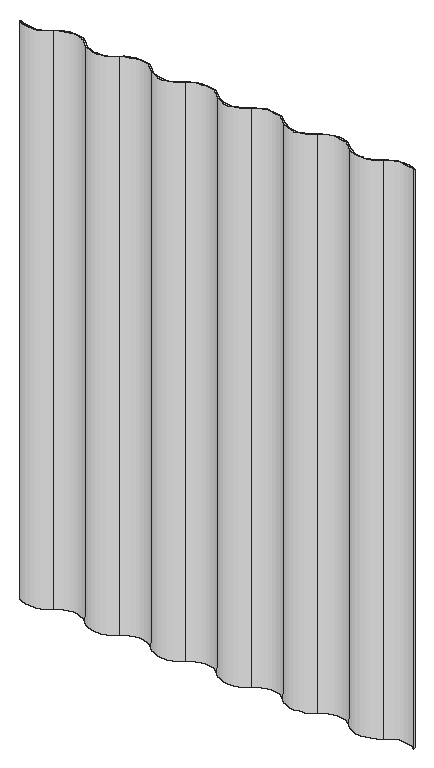
Revit family
Parameters (values of type "9537 54" x 72"")
  Width = 54.000"
  Warranty Information = "Complete Unit 1 Year Warranty. This Warranty does not cover installation or any other labor charges and does not apply to any units which have been damaged by abuse, improper installation, imporper maintanence, or altered in any way."
  Version = "1.0"
  Unit Material = Vinyl - Bradley Corp - White
  URL = "http://www.bradleycorp.com/"
  Type Comments = "White Antimicrobial Vinyl, 56\" Wide"
  Technical Data = "n/a"
  Percentage of Recycled Content = 0
  OmniClass Title = "Shower Curtains"
  OmniClass Code = "23.31.17.27"
  No. of 9536 Curtain Hooks required = 9
  Modeling Code = "n/a"
  Model = "9537 54\" x 72\""
  Material Note = "n/a"
  Material = "Vinyl "
  MasterFormat Title = "Shower Curtains"
  MasterFormat Number = "12 44 16"
  Manufacturer = "Bradley Corporation"
  Low Emitting Material = no
  LEED Credit = ""
  Installation Type = ""
  Industry Standards = "n/a"
  Height = 72.000"
  Gap to Rail = 2.500"
  Fire Rating = "n/a"
  Description = "Shower Curtain"
  Curtain Rail  Elevation (2 1/2" Over Curtain Top) = 75.000"
  Copyright = "This Model Data is Property of Bradley Corporation"
  Complies to NAFTA = "n/a"
  Buy American Act = "To Be Determined"
  Assembly Code = "C1030200"
  ADA Compliant = "No"
Types (14): name | Width | Unit Material | Type Comments | No. of 9536 Curtain Hooks required | Model | Curtain Rail  Elevation (2 1/2" Over Curtain Top)
  (no name) | 54.000" | Vinyl - Bradley Corp - White | "White Antimicrobial Vinyl, 56\" Wide" | 9 | "9537 54\" x 72\"" | 75.000"
  9533 36" x 72" | 36.000" | Vinyl - Bradley Corp - White | "White Antimicrobial Vinyl, 36\" Wide" | 7 | "9533 36\" x 72\"" | 75.000"
  9533 42" x 72" | 42.000" | Vinyl - Bradley Corp - White | "White Antimicrobial Vinyl, 42\" Wide" | 8 | "9533 42\" x 72\"" | 75.000"
  9533 72" x 72" | 72.000" | Vinyl - Bradley Corp - White | "White Antimicrobial Vinyl, 72\" Wide" | 13 | "9533 72\" x 72\"" | 75.000"
  9535 42" x 72" | 42.000" | Vinyl - Bradley Corp - Green | "Green Antimicrobial Vinyl, 42\" Wide" | 8 | "9535 42\" x 72\"" | 75.000"
  9535 48" x 72" | 48.000" | Vinyl - Bradley Corp - Green | "Green Antimicrobial Vinyl, 48\" Wide" | 9 | "9535 48\" x 72\"" | 75.000"
  9535 72" x 72" | 72.000" | Vinyl - Bradley Corp - Green | "Green Antimicrobial Vinyl, 72\" Wide" | 13 | "9535 72\" x 72\"" | 75.000"
  9537 42" x 72" | 42.000" | Vinyl - Bradley Corp - White | "White Antimicrobial Vinyl, 42\" Wide" | 8 | "9537 42\" x 72\"" | 75.000"
  9537 48" x 72" | 48.000" | Vinyl - Bradley Corp - White | "White Antimicrobial Vinyl, 48\" Wide" | 9 | "9537 48\" x 72\"" | 75.000"
  9537 72" x 72" | 72.000" | Vinyl - Bradley Corp - White | "White Antimicrobial Vinyl, 72\" Wide" | 13 | "9537 72\" x 72\"" | 75.500"
  9535 36" x 72" | 36.000" | Vinyl - Bradley Corp - Green | "Green Antimicrobial Vinyl, 36\" Wide" | 8 | "9535 36\" x 72\"" | 75.000"
  9537 36" x 72" | 36.000" | Vinyl - Bradley Corp - White | "White Antimicrobial Vinyl, 36\" Wide" | 8 | "9537 36\" x 72\"" | 75.000"
  9535 54" x 72" | 56.000" | Vinyl - Bradley Corp - Green | "Green Antimicrobial Vinyl, 56\" Wide" | 9 | "9535 54\" x 72\"" | 75.000"
  9537 54" x 72" | 54.000" | Vinyl - Bradley Corp - White | "White Antimicrobial Vinyl, 56\" Wide" | 9 | "9537 54\" x 72\"" | 75.000"
Reference planes (in)
  plane 1 "Center (Front/Back)": y = 0
  plane 2: z = 0
  plane 3 "Center (Left/Right)": x = 0
  plane 4 "Top": z = 72.5
  plane 5 "Left": x = -27
  plane 6 "Right": x = 27
  plane 7: x = -43
  plane 8: x = 43
  plane 9 "Cutain Rail Elevation": z = 75
  plane 10 "Bottom": z = 0.5
Forms (in)
  Extrusion 1, solid, material "Vinyl - Bradley Corp - White" <- "Unit Material", detail levels medium+fine
    sketch origin (-40, 0, 0) x (1, 0, 0) y (0, 1, 0)
      loop
        arc (39.97318, 0) -> (42.34838, -1.00767) -> (44.72358, 0) r 3.30314
        arc (44.72358, 0) -> (46.93904, 0.89094) -> (49.1545, 0) r 3.2
        arc (49.1545, 0) -> (51.5297, -1.00767) -> (53.9049, 0) r 3.30314
        arc (53.9049, 0) -> (56.12036, 0.89094) -> (58.33581, 0) r 3.2
        arc (58.33581, 0) -> (60.71101, -1.00767) -> (63.08621, 0) r 3.30314
        arc (63.08621, 0) -> (65.30167, 0.89094) -> (67.51713, 0) r 3.2
        arc (67.51713, 0) -> (69.89233, -1.00767) -> (72.26753, 0) r 3.30314
        arc (72.26753, 0) -> (74.48299, 0.89094) -> (76.69845, 0) r 3.2
        arc (76.69845, 0) -> (79.07365, -1.00767) -> (81.44884, 0) r 3.30314
        line (81.44884, 0) -> (81.28911, 0)
        arc (81.28911, 0) -> (79.07365, -0.89094) -> (76.85819, 0) r 3.2
        arc (76.85819, 0) -> (74.48299, 1.00767) -> (72.10779, 0) r 3.30314
        arc (72.10779, 0) -> (69.89233, -0.89094) -> (67.67687, 0) r 3.2
        arc (67.67687, 0) -> (65.30167, 1.00767) -> (62.92647, 0) r 3.30314
        arc (62.92647, 0) -> (60.71102, -0.89094) -> (58.49556, 0) r 3.2
        arc (58.49556, 0) -> (56.12036, 1.00767) -> (53.74516, 0) r 3.30314
        arc (53.74516, 0) -> (51.5297, -0.89094) -> (49.31424, 0) r 3.2
        arc (49.31424, 0) -> (46.93904, 1.00767) -> (44.56384, 0) r 3.30314
        arc (44.56384, 0) -> (42.34838, -0.89094) -> (40.13293, 0) r 3.2
        arc (40.13293, 0) -> (37.75773, 1.00767) -> (35.38253, 0) r 3.30314
        arc (35.38253, 0) -> (33.16707, -0.89094) -> (30.95161, 0) r 3.2
        arc (30.95161, 0) -> (28.57641, 1.00767) -> (26.20121, 0) r 3.30314
        arc (26.20121, 0) -> (23.98575, -0.89094) -> (21.77029, 0) r 3.2
        arc (21.77029, 0) -> (19.3951, 1.00767) -> (17.0199, 0) r 3.30314
        arc (17.0199, 0) -> (14.80444, -0.89094) -> (12.58898, 0) r 3.2
        arc (12.58898, 0) -> (10.21378, 1.00767) -> (7.83858, 0) r 3.30314
        arc (7.83858, 0) -> (5.62312, -0.89094) -> (3.40766, 0) r 3.2
        arc (3.40766, 0) -> (1.03246, 1.00767) -> (-1.34274, 0) r 3.30314
        line (-1.34274, 0) -> (-1.183, 0)
        arc (-1.183, 0) -> (1.03246, 0.89094) -> (3.24792, 0) r 3.2
        arc (3.24792, 0) -> (5.62312, -1.00767) -> (7.99832, 0) r 3.30314
        arc (7.99832, 0) -> (10.21378, 0.89094) -> (12.42924, 0) r 3.2
        arc (12.42924, 0) -> (14.80444, -1.00767) -> (17.17964, 0) r 3.30314
        arc (17.17964, 0) -> (19.39509, 0.89094) -> (21.61055, 0) r 3.2
        arc (21.61055, 0) -> (23.98575, -1.00767) -> (26.36095, 0) r 3.30314
        arc (26.36095, 0) -> (28.57641, 0.89094) -> (30.79187, 0) r 3.2
        arc (30.79187, 0) -> (33.16707, -1.00767) -> (35.54227, 0) r 3.30314
        arc (35.54227, 0) -> (37.75772, 0.89094) -> (39.97318, 0) r 3.2
    from 0.5 to 72.5
  Extrusion 2, void
    sketch origin (0, 0, 0) x (1, 0, 0) y (0, 0, 1)
      loop
        line (-27, 75) -> (-43, 75) -> (-43, 0) -> (-27, 0) -> (-27, 75)
      loop
        line (27, 0) -> (43, 0) -> (43, 75) -> (27, 75) -> (27, 0)
    from -3.36556 to 2.77973
Cuts and joins
  Extrusion 2 cuts Extrusion 1
Lines and regions (in)
  reference lines
    curve 1: line (-43, 0, 0) -> (43, 0, 0)
Dimensions and locks (in)
  equal spacing: plane 5 "Left", plane 3 "Center (Left/Right)", plane 6 "Right"
  "Width": plane 5 "Left" to plane 6 "Right"
  equal spacing: plane 7, plane 3 "Center (Left/Right)", plane 8
  "Curtain Rail  Elevation (2 1/2" Over Curtain Top)": plane 9 "Cutain Rail Elevation" to plane 2
  "Gap to Rail": plane 9 "Cutain Rail Elevation" to plane 4 "Top"
  "Height": plane 4 "Top" to plane 10 "Bottom"
  aligned and locked: plane 4 "Top" to Extrusion 1
  aligned and locked: Extrusion 1 to plane 10 "Bottom"
  aligned and locked: plane 5 "Left" to Extrusion 2 sketch curve
  aligned and locked: plane 9 "Cutain Rail Elevation" to Extrusion 2 sketch curve  (x2)
  aligned and locked: plane 2 to Extrusion 2 sketch curve
  aligned and locked: plane 7 to Extrusion 2 sketch curve
  aligned and locked: plane 6 "Right" to Extrusion 2 sketch curve
  aligned and locked: Extrusion 2 sketch curve to plane 2
  aligned and locked: Extrusion 2 sketch curve to plane 8
  aligned and locked: plane 1 "Center (Front/Back)" to Extrusion 1 sketch curve  (x35)
  aligned and locked: plane 8 to curve 1
  aligned and locked: plane 7 to curve 1
Automatic sketch dimensions
  curve 1 to plane 1 "Center (Front/Back)" = 0.000"
  Extrusion 1 sketch curve to curve 1 = 0.000"  (x3)
  curve 1 to Extrusion 1 sketch curve = 1.65726"
  Extrusion 1 sketch curve to Extrusion 1 sketch curve = 0.15974"
  Extrusion 1 sketch curve to Extrusion 1 sketch curve = 2.21546"  (x18)
  Extrusion 1 sketch curve to Extrusion 1 sketch curve = 0.000"  (x18)
  Extrusion 1 sketch curve to curve 1 = 2.29547"  (x9)
  curve 1 to Extrusion 1 sketch curve = 2.30906"  (x9)
  Extrusion 1 sketch curve to Extrusion 1 sketch curve = 0.01358"  (x18)
